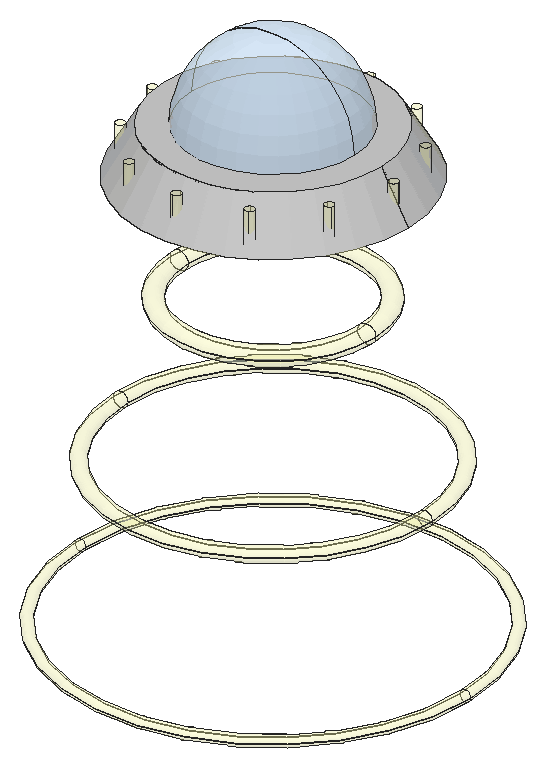
Revit family "UFO_unit", category Generic Models, Revit 2020
Family settings
  Can host rebar = No
  Round Connector Dimension = Use Diameter
  Part Type = Normal
  Work Plane-Based = No
  Always vertical = Yes
  Cut with Voids When Loaded = No
  Shared = No
  Room Calculation Point = No
Parameters
  show_beam [instance] = yes
  Default Elevation = 0 mm
Reference planes
  plane 1 "Center (Front/Back)": y = 0
  plane 2: z = 0
  plane 3 "Center (Left/Right)": x = 0
Forms (mm)
  Blend 1, solid
    base sketch origin (0, 0, 0) x (1, 0, 0) y (0, 1, 0)
      loop
        circle (0, 0) r 1500
    top sketch origin (0, 0, 0) x (1, 0, 0) y (0, 1, 0)
      loop
        circle (0, 0) r 1200
    from 0 to 500
  Revolve 2, solid
    sketch origin (0, 0, 0) x (1, 0, 0) y (0, 0, 1)
      loop
        arc (900, 500) -> (636.396, 1136.396) -> (0, 1400) r 900
        line (0, 1400) -> (0, 500) -> (900, 500)
      axis (0, 1400) -> (0, 500)
    angle from 0 to 360
  Extrusion 3, solid
    sketch origin (-900, 0, 0) x (1, 0, 0) y (0, 1, 0)
      loop
        circle (2234.357, 0) r 50
    from 50 to 400
  Extrusion 4, solid
    sketch origin (-779.423, 450, 0) x (0.866025, -0.5, 0) y (0.5, 0.866025, 0)
      loop
        circle (2234.357, 0) r 50
    from 50 to 400
  Extrusion 5, solid
    sketch origin (-779.423, -450, 0) x (0.866025, 0.5, 0) y (-0.5, 0.866025, 0)
      loop
        circle (2234.357, 0) r 50
    from 50 to 400
  Extrusion 6, solid
    sketch origin (-450, -779.423, 0) x (0.5, 0.866025, 0) y (-0.866025, 0.5, 0)
      loop
        circle (2234.357, 0) r 50
    from 50 to 400
  Extrusion 7, solid
    sketch origin (0, -900, 0) x (0, 1, 0) y (-1, 0, 0)
      loop
        circle (2234.357, 0) r 50
    from 50 to 400
  Extrusion 8, solid
    sketch origin (450, -779.423, 0) x (-0.5, 0.866025, 0) y (-0.866025, -0.5, 0)
      loop
        circle (2234.357, 0) r 50
    from 50 to 400
  Extrusion 9, solid
    sketch origin (779.423, -450, 0) x (-0.866025, 0.5, 0) y (-0.5, -0.866025, 0)
      loop
        circle (2234.357, 0) r 50
    from 50 to 400
  Extrusion 10, solid
    sketch origin (900, 0, 0) x (-1, 0, 0) y (0, -1, 0)
      loop
        circle (2234.357, 0) r 50
    from 50 to 400
  Extrusion 11, solid
    sketch origin (779.423, 450, 0) x (-0.866025, -0.5, 0) y (0.5, -0.866025, 0)
      loop
        circle (2234.357, 0) r 50
    from 50 to 400
  Extrusion 12, solid
    sketch origin (450, 779.423, 0) x (-0.5, -0.866025, 0) y (0.866025, -0.5, 0)
      loop
        circle (2234.357, 0) r 50
    from 50 to 400
  Extrusion 13, solid
    sketch origin (0, 900, 0) x (0, -1, 0) y (1, 0, 0)
      loop
        circle (2234.357, 0) r 50
    from 50 to 400
  Extrusion 14, solid
    sketch origin (-450, 779.423, 0) x (0.5, -0.866025, 0) y (0.866025, 0.5, 0)
      loop
        circle (2234.357, 0) r 50
    from 50 to 400
  Sweep 15, solid, visible <- "show_beam"
    path in 3D
      loop
        arc (-500, 0, 0) -> (0, -500, 0) -> (500, 0, 0) r 500
        arc (500, 0, 0) -> (0, 500, 0) -> (-500, 0, 0) r 500
    profile "profile : DD" origin (0, 500, 0) x (0, -1, 0) y (0, 0, 1)
      loop
        circle (-1629.857, -4421.73) r 60
      loop
        circle (-1183.611, -2822.233) r 80
      loop
        circle (-537.701, -1215.914) r 100
Lines and regions (mm)
  reference lines
    curve 1: circle (0, 0, 0) r 500 normal (0, 0, 1)
  sketch lines
    curve 2: circle (0, 0, 0) r 500 normal (0, 0, 1)
Dimensions and locks
  aligned and locked: plane 2 to level
